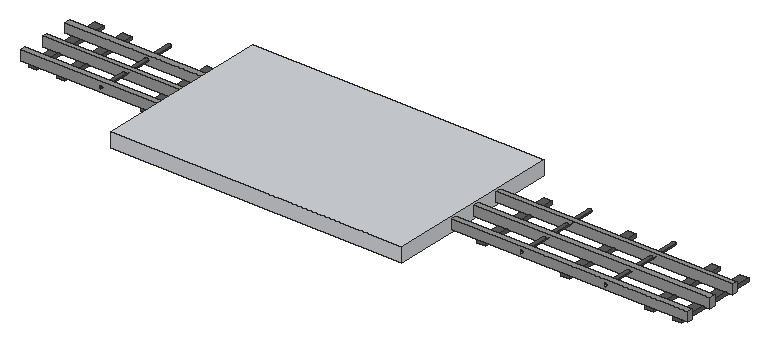
Revit family "1412-3, Solid", category Generic Models, host Face, Revit 2020
Family settings
  Host = Face
  Can host rebar = No
  Round Connector Dimension = Use Diameter
  Part Type = Normal
  Cut with Voids When Loaded = No
  Shared = No
  Room Calculation Point = No
Parameters
  min_value [instance] = 2' - 4"  # constant formula
  max_value [instance] = 11' - 11 1/4"  # constant formula
  actual_value [instance] = if(NET LENGTH < min_value, min_value, if(NET LENGTH > max_value, max_value, NET LENGTH))  # 7' - 11 1/4"
  NET LENGTH [instance] = 7' - 11 1/4"
  IMPORTANT NOTE!!!                                                                             *Backer & dowel layout is for visualization purposes only, final layout to be determined by 9Wood. [instance] = ""
  Default Elevation = 4' - 0"
  DOWEL RADIUS [instance] = 0' - 0 1/4"  # constant formula
  BACKER & DOWEL MATERIAL [instance] = BLACK-BACKERS
  .. MEMBER WIDTH [instance] = 0' - 0 3/4"  # constant formula
  .. MEMBER MATERIAL [instance] = Solid Western Hemlock
  .. MEMBER DEPTH [instance] = 0' - 1 3/8"  # constant formula
  .. MEMBER COUNT [instance] = 3  # constant formula
Reference planes (in)
  plane 1 "Center (Front/Back)": y = 0
  plane 2: z = 0
  plane 3 "Center (Left/Right)": x = 0
Forms (in)
  Extrusion 1, solid
    sketch origin (0, 0, 0) x (1, 0, 0) y (0, 1, 0)
      loop
        line (-24.24823, 14.63962) -> (-24.24823, -10.69266) -> (17.36192, -10.69266) -> (17.36192, 14.63962) -> (-24.24823, 14.63962)
    from 0 to 2.0625
Dimensions and locks (in)
  aligned and locked: plane 2 to Extrusion 1
  aligned and locked: nested 1 to plane 2
Nested families (in)
  nested 1: "1400 series" at (-44.01308, -2.1224, -0.06061), NET LENGTH <- "actual_value", .. MEMBER DEPTH <- ".. MEMBER DEPTH", .. MEMBER WIDTH <- ".. MEMBER WIDTH", DOWEL RADIUS <- "DOWEL RADIUS", BACKER & DOWEL MATERIAL <- "BACKER & DOWEL MATERIAL", .. MEMBER MATERIAL <- ".. MEMBER MATERIAL", MEMBER COUNT <- ".. MEMBER COUNT", type "1400 series"
    with X 7' - 8", SCRIM MATERIAL SCRIM, SCRIM LENGTH 8' - 1", SCRIM APPEARANCE yes, SCRIM 2 0' - 0 7/8", SCRIM 1 0' - 0 3/32", OC TYP 1' - 0", NET LENGTH 7' - 11 1/4", N 8, MEMBER COUNT 3, INSET 2 0' - 0 3/16", INSET 0' - 1", HALF MEMBER WIDTH 0' - 0 3/8", END BACKER yes, DOWEL RADIUS 0' - 0 1/4", DOWEL INDEX 0' - 11 5/8", DOWEL COUNT 7, BACKING M COUNT 8, BACKER WIDTH 0' - 1 1/4", BACKER INDEX 0' - 5 5/8", BACKER DEPTH 0' - 0 1/2", BACKER & DOWEL MATERIAL BLACK-BACKERS, BACKER &  DOWEL LENGTH 0' - 11 7/8", .. MEMBER WIDTH 0' - 0 3/4", .. MEMBER OC TYP 0' - 4", .. MEMBER MATERIAL Solid Western Hemlock, .. MEMBER DEPTH 0' - 1 3/8"
Definition of nested family "1400 series"
  Parameters (values of type "1400 series")
    X [instance] = NET LENGTH - 0' 3 1/4"  # 7' - 2"
    SCRIM MATERIAL [instance] = none
    SCRIM APPEARANCE [instance] = yes
    SCRIM 2 [instance] = 0' - 0 7/8"  # constant formula
    SCRIM 1 [instance] = 0' - 0 3/32"  # constant formula
    OC TYP [instance] = 1' - 0"  # constant formula
    N [instance] = if((X - (rounddown(X / 1' 0") * 1' 0")) > 1' 0", rounddown(X / 1' 0") + 2, rounddown(X / 1' 0") + 1)  # 8
    MEMBER COUNT [instance] = 2
    INSET 5 = 0' - 0 11/16"  # constant formula
    INSET 2 [instance] = 0' - 0 3/16"  # constant formula
    INSET [instance] = 0' - 1"  # constant formula
    END BACKER [instance] = BACKER INDEX > 0' 3 5/8"  # no
    HALF MEMBER WIDTH [instance] = .. MEMBER WIDTH / 2  # 0' - 1 1/8"
    Default Elevation = 0' - 0"
    DOWEL RADIUS [instance] = 0' - 0 1/4"
    DOWEL INDEX [instance] = BACKER INDEX + 0' 6"  # 0' - 8 5/8"
    DOWEL COUNT [instance] = N - 1  # 7
    BACKER WIDTH [instance] = 0' - 1 1/4"  # constant formula
    BACKER INDEX [instance] = (NET LENGTH - ((N - 1) * 1' 0")) / 2  # 0' - 2 5/8"
    BACKER DEPTH [instance] = 0' - 0 1/2"  # constant formula
    BACKING M COUNT [instance] = N  # 8
    BACKER & DOWEL MATERIAL [instance] = none
    BACKER &  DOWEL LENGTH [instance] = 0' - 11 7/8"  # constant formula
    SCRIM LENGTH [instance] = NET LENGTH + (SCRIM 2 * 2)  # 7' - 7"
    .. MEMBER WIDTH [instance] = 0' - 2 1/4"
    .. MEMBER OC TYP [instance] = 1' 0" / MEMBER COUNT  # 0' - 6"
    .. MEMBER MATERIAL [instance] = none
    NET LENGTH [instance] = 7' - 5 1/4"
    .. MEMBER DEPTH [instance] = 0' - 4"
  Reference planes (in)
    plane 1 "Center (Front/Back)": y = 0
    plane 2: z = 0
    plane 3 "Center (Left/Right)": x = 0
    plane 4: x = 89.25
    plane 5: x = 1
    plane 6: x = 88.25
    plane 7: x = 2.625
    plane 8: x = 8.625
    plane 9: x = 14.625
    plane 10: x = 20.625
    plane 11: y = 0.1875
    plane 12: y = 1.125
    plane 13: y = 7.125
    plane 14: y = 12.0625
    plane 15: x = 90.125
    plane 16: x = -0.875
    plane 17: y = 12.15625
    plane 18: y = -0.09375
    plane 19: z = 2.7097
    plane 20: z = 0.56061
    plane 21: z = 1.24811
  Lines and regions (in)
    model lines, not visible
      curve 1: line (8.625, 0, 0.99811) -> (8.625, 0, 1.49811)
      curve 2: line (8.625, 0, 1.49811) -> (8.375, 0, 1.24811)
      curve 3: line (8.375, 0, 1.24811) -> (8.875, 0, 1.24811)
      curve 4: line (20.625, 0, 0.99811) -> (20.625, 0, 1.49811)
      curve 5: line (20.625, 0, 1.49811) -> (20.375, 0, 1.24811)
      curve 6: line (20.375, 0, 1.24811) -> (20.875, 0, 1.24811)
      curve 7: line (32.625, 0, 0.99811) -> (32.625, 0, 1.49811)
      curve 8: line (32.625, 0, 1.49811) -> (32.375, 0, 1.24811)
      curve 9: line (32.375, 0, 1.24811) -> (32.875, 0, 1.24811)
      curve 10: line (44.625, 0, 0.99811) -> (44.625, 0, 1.49811)
      curve 11: line (44.625, 0, 1.49811) -> (44.375, 0, 1.24811)
      curve 12: line (44.375, 0, 1.24811) -> (44.875, 0, 1.24811)
      curve 13: line (56.625, 0, 0.99811) -> (56.625, 0, 1.49811)
      curve 14: line (56.625, 0, 1.49811) -> (56.375, 0, 1.24811)
      curve 15: line (56.375, 0, 1.24811) -> (56.875, 0, 1.24811)
      curve 16: line (68.625, 0, 0.99811) -> (68.625, 0, 1.49811)
      curve 17: line (68.625, 0, 1.49811) -> (68.375, 0, 1.24811)
      curve 18: line (68.375, 0, 1.24811) -> (68.875, 0, 1.24811)
      curve 19: line (80.625, 0, 0.99811) -> (80.625, 0, 1.49811)
      curve 20: line (80.625, 0, 1.49811) -> (80.375, 0, 1.24811)
      curve 21: line (80.375, 0, 1.24811) -> (80.875, 0, 1.24811)
  Dimensions and locks (in)
    "INSET": plane 3 "Center (Left/Right)" to plane 5
    "NET LENGTH": plane 3 "Center (Left/Right)" to plane 4
    "INSET": plane 6 to plane 4
    "BACKER INDEX": plane 3 "Center (Left/Right)" to plane 7
    "DOWEL INDEX": plane 3 "Center (Left/Right)" to plane 8
    "OC TYP": plane 7 to plane 9
    "OC TYP": plane 8 to plane 10
    "INSET 2": plane 1 "Center (Front/Back)" to plane 11
    equal spacing: group 1, group 2, group 5, group 6, group 7, group 13, group 14, group 16  (x3)
    equal spacing: group 3, group 4, group 8, group 9, group 10, group 15, group 17  (x3)
    group 11 to group 12 = 0' - 0"  (x2)
    group 11 to group 12 = 0' - 6"
    ".. MEMBER OC TYP": plane 13 to plane 12
    "HALF MEMBER WIDTH": plane 1 "Center (Front/Back)" to plane 12
    "SCRIM 2": plane 16 to plane 3 "Center (Left/Right)"
    "SCRIM 2": plane 4 to plane 15
    "SCRIM 1": plane 18 to plane 1 "Center (Front/Back)"
    "SCRIM 1": plane 17 to plane 14
    "INSET 5": plane 21 to plane 20
    aligned and locked: level to plane 2
    aligned and locked: plane 7 to nested 2
    aligned and locked: plane 5 to nested 1
    aligned and locked: plane 9 to nested 3
    aligned and locked: nested 1 to plane 5
    aligned and locked: nested 2 to plane 11
    aligned and locked: nested 1 to plane 11
    aligned and locked: nested 3 to plane 11
    aligned and locked: nested 4 to plane 11  (x2)
    aligned and locked: plane 10 to nested 5
    aligned and locked: plane 6 to nested 12
    aligned and locked: nested 5 to plane 11
    aligned and locked: plane 11 to nested 12
    aligned and locked: plane 12 to nested 13
    aligned and locked: nested 14 to plane 13
    aligned and locked: plane 14 to nested 8
    aligned and locked: nested 13 to plane 20
    aligned and locked: plane 21 to nested 4
    aligned and locked: plane 21 to nested 5
    aligned and locked: nested 13 to plane 8
    aligned and locked: plane 10 to nested 13
    aligned and locked: curve 1 to nested 13
    aligned and locked: nested 13 to curve 4
    aligned and locked: plane 20 to nested 1
    aligned and locked: plane 20 to nested 2
    aligned and locked: nested 12 to plane 20
  Automatic sketch dimensions
    curve 3 to curve 1 = 0' - 0 1/4"  (x2)
    curve 1 to curve 3 = 0' - 0 1/4"
    curve 1 to curve 2 = 0' - 0 1/4"
    curve 6 to curve 4 = 0' - 0 1/4"  (x2)
    curve 4 to curve 6 = 0' - 0 1/4"
    curve 4 to curve 5 = 0' - 0 1/4"
    curve 9 to curve 7 = 0' - 0 1/4"  (x2)
    curve 7 to curve 9 = 0' - 0 1/4"
    curve 7 to curve 8 = 0' - 0 1/4"
    curve 12 to curve 10 = 0' - 0 1/4"  (x2)
    curve 10 to curve 12 = 0' - 0 1/4"
    curve 10 to curve 11 = 0' - 0 1/4"
    curve 15 to curve 13 = 0' - 0 1/4"  (x2)
    curve 13 to curve 15 = 0' - 0 1/4"
    curve 13 to curve 14 = 0' - 0 1/4"
    curve 18 to curve 16 = 0' - 0 1/4"  (x2)
    curve 16 to curve 18 = 0' - 0 1/4"
    curve 16 to curve 17 = 0' - 0 1/4"
    curve 21 to curve 19 = 0' - 0 1/4"  (x2)
    curve 19 to curve 21 = 0' - 0 1/4"
    curve 19 to curve 20 = 0' - 0 1/4"
  Nested families (in)
    nested 1: "INSTANCE - 3RD -  EXTEND BOTH SIDES - Parametric Cube.0001" at (1, 0.1875, 0.56061), Length <- "BACKER &  DOWEL LENGTH", Width <- "BACKER WIDTH", Height <- "BACKER DEPTH", Material <- "BACKER & DOWEL MATERIAL", visible <- "END BACKER", type "INSTANCE - 3RD -  EXTEND BOTH SIDES - Parametric Cube.0001"
      with Width 0' - 1 1/4", Material none, Length 0' - 11 7/8", Height 0' - 0 1/2"
    nested 2: "INSTANCE - 2ND -  EXTEND SIDE H CENTER W - Parametric Cube.0001" at (2.625, 0.1875, 0.56061), Width <- "BACKER WIDTH", Length <- "BACKER &  DOWEL LENGTH", Height <- "BACKER DEPTH", Material <- "BACKER & DOWEL MATERIAL", type "INSTANCE - 2ND -  EXTEND SIDE H CENTER W - Parametric Cube.0001"
      with Width 0' - 1 1/4", Material none, Length 0' - 11 7/8", Height 0' - 0 1/2"
    nested 3: "INSTANCE - 2ND -  EXTEND SIDE H CENTER W - Parametric Cube.0001" at (14.625, 0.1875, 0.56061), Width <- "BACKER WIDTH", Length <- "BACKER &  DOWEL LENGTH", Height <- "BACKER DEPTH", Material <- "BACKER & DOWEL MATERIAL", type "INSTANCE - 2ND -  EXTEND SIDE H CENTER W - Parametric Cube.0001"
      with Width 0' - 1 1/4", Material none, Length 0' - 11 7/8", Height 0' - 0 1/2"
    nested 4: "DOWEL" at (-1.375, 0.1875, 1.24811), DOWEL LENGTH <- "BACKER &  DOWEL LENGTH", DOWEL RADII <- "DOWEL RADIUS", BACKING MEM MATERIAL <- "BACKER & DOWEL MATERIAL", type "DOWEL"
      with DOWEL RADII 0' - 0 1/4", DOWEL LENGTH 0' - 11 7/8", BACKING MEM MATERIAL none
    nested 5: "DOWEL" at (10.625, 0.1875, 1.24811), DOWEL LENGTH <- "BACKER &  DOWEL LENGTH", DOWEL RADII <- "DOWEL RADIUS", BACKING MEM MATERIAL <- "BACKER & DOWEL MATERIAL", type "DOWEL"
      with DOWEL RADII 0' - 0 1/4", DOWEL LENGTH 0' - 11 7/8", BACKING MEM MATERIAL none
    nested 6: "INSTANCE - 2ND -  EXTEND SIDE H CENTER W - Parametric Cube.0001" at (26.625, 0.1875, 0.56061), Width <- "BACKER WIDTH", Length <- "BACKER &  DOWEL LENGTH", Height <- "BACKER DEPTH", Material <- "BACKER & DOWEL MATERIAL", type "INSTANCE - 2ND -  EXTEND SIDE H CENTER W - Parametric Cube.0001"
      with Width 0' - 1 1/4", Material none, Length 0' - 11 7/8", Height 0' - 0 1/2"
    nested 7: "INSTANCE - 2ND -  EXTEND SIDE H CENTER W - Parametric Cube.0001" at (38.625, 0.1875, 0.56061), Width <- "BACKER WIDTH", Length <- "BACKER &  DOWEL LENGTH", Height <- "BACKER DEPTH", Material <- "BACKER & DOWEL MATERIAL", type "INSTANCE - 2ND -  EXTEND SIDE H CENTER W - Parametric Cube.0001"
      with Width 0' - 1 1/4", Material none, Length 0' - 11 7/8", Height 0' - 0 1/2"
    nested 8: "INSTANCE - 2ND -  EXTEND SIDE H CENTER W - Parametric Cube.0001" at (50.625, 0.1875, 0.56061), Width <- "BACKER WIDTH", Length <- "BACKER &  DOWEL LENGTH", Height <- "BACKER DEPTH", Material <- "BACKER & DOWEL MATERIAL", type "INSTANCE - 2ND -  EXTEND SIDE H CENTER W - Parametric Cube.0001"
      with Width 0' - 1 1/4", Material none, Length 0' - 11 7/8", Height 0' - 0 1/2"
    nested 9: "DOWEL" at (22.625, 0.1875, 1.24811), DOWEL LENGTH <- "BACKER &  DOWEL LENGTH", DOWEL RADII <- "DOWEL RADIUS", BACKING MEM MATERIAL <- "BACKER & DOWEL MATERIAL", type "DOWEL"
      with DOWEL RADII 0' - 0 1/4", DOWEL LENGTH 0' - 11 7/8", BACKING MEM MATERIAL none
    nested 10: "DOWEL" at (34.625, 0.1875, 1.24811), DOWEL LENGTH <- "BACKER &  DOWEL LENGTH", DOWEL RADII <- "DOWEL RADIUS", BACKING MEM MATERIAL <- "BACKER & DOWEL MATERIAL", type "DOWEL"
      with DOWEL RADII 0' - 0 1/4", DOWEL LENGTH 0' - 11 7/8", BACKING MEM MATERIAL none
    nested 11: "DOWEL" at (46.625, 0.1875, 1.24811), DOWEL LENGTH <- "BACKER &  DOWEL LENGTH", DOWEL RADII <- "DOWEL RADIUS", BACKING MEM MATERIAL <- "BACKER & DOWEL MATERIAL", type "DOWEL"
      with DOWEL RADII 0' - 0 1/4", DOWEL LENGTH 0' - 11 7/8", BACKING MEM MATERIAL none
    nested 12: "INSTANCE - 3RD -  EXTEND BOTH SIDES - Parametric Cube.0001" at (88.25, 0.1875, 0.56061) x (-1, 0, 0) z (0, 0, 1), Width <- "BACKER WIDTH", Length <- "BACKER &  DOWEL LENGTH", Height <- "BACKER DEPTH", Material <- "BACKER & DOWEL MATERIAL", visible <- "END BACKER", type "INSTANCE - 3RD -  EXTEND BOTH SIDES - Parametric Cube.0001"
      with Width 0' - 1 1/4", Material none, Length 0' - 11 7/8", Height 0' - 0 1/2"
    nested 13: "HOLED MEMBER" at (0, -9.75, 8.12965), DOWEL INDEX <- "DOWEL INDEX", .. MEMBER LENGTH <- "NET LENGTH", .. MEMBER WIDTH <- ".. MEMBER WIDTH", DOWEL OC DIST <- "OC TYP", DOWEL RADII <- "DOWEL RADIUS", Material <- ".. MEMBER MATERIAL", DEPTH <- ".. MEMBER DEPTH", DOWEL COUNT <- "DOWEL COUNT", Space <- "INSET 5", type "HOLED MEMBER"
      with Space 0' - 0 11/16", Material none, Height 0' - 10.43096", HALF MEMBER WIDTH 0' - 1 1/8", DOWEL RADII 0' - 0 1/4", DOWEL OC DIST 1' - 0", DOWEL INDEX 0' - 8 5/8", DOWEL COUNT 7, DEPTH 0' - 4", .. MEMBER WIDTH 0' - 2 1/4", .. MEMBER LENGTH 7' - 5 1/4"
    nested 14: "HOLED MEMBER" at (0, -3.75, 8.12965), DOWEL INDEX <- "DOWEL INDEX", .. MEMBER LENGTH <- "NET LENGTH", .. MEMBER WIDTH <- ".. MEMBER WIDTH", DOWEL OC DIST <- "OC TYP", DOWEL RADII <- "DOWEL RADIUS", Material <- ".. MEMBER MATERIAL", DEPTH <- ".. MEMBER DEPTH", DOWEL COUNT <- "DOWEL COUNT", Space <- "INSET 5", type "HOLED MEMBER"
      with Space 0' - 0 11/16", Material none, Height 0' - 10.43096", HALF MEMBER WIDTH 0' - 1 1/8", DOWEL RADII 0' - 0 1/4", DOWEL OC DIST 1' - 0", DOWEL INDEX 0' - 8 5/8", DOWEL COUNT 7, DEPTH 0' - 4", .. MEMBER WIDTH 0' - 2 1/4", .. MEMBER LENGTH 7' - 5 1/4"
    nested 15: "INSTANCE - 2ND -  EXTEND SIDE H CENTER W - Parametric Cube.0001" at (62.625, 0.1875, 0.56061), Width <- "BACKER WIDTH", Length <- "BACKER &  DOWEL LENGTH", Height <- "BACKER DEPTH", Material <- "BACKER & DOWEL MATERIAL", type "INSTANCE - 2ND -  EXTEND SIDE H CENTER W - Parametric Cube.0001"
      with Width 0' - 1 1/4", Material none, Length 0' - 11 7/8", Height 0' - 0 1/2"
    nested 16: "INSTANCE - 2ND -  EXTEND SIDE H CENTER W - Parametric Cube.0001" at (74.625, 0.1875, 0.56061), Width <- "BACKER WIDTH", Length <- "BACKER &  DOWEL LENGTH", Height <- "BACKER DEPTH", Material <- "BACKER & DOWEL MATERIAL", type "INSTANCE - 2ND -  EXTEND SIDE H CENTER W - Parametric Cube.0001"
      with Width 0' - 1 1/4", Material none, Length 0' - 11 7/8", Height 0' - 0 1/2"
    nested 17: "DOWEL" at (58.625, 0.1875, 1.24811), DOWEL LENGTH <- "BACKER &  DOWEL LENGTH", DOWEL RADII <- "DOWEL RADIUS", BACKING MEM MATERIAL <- "BACKER & DOWEL MATERIAL", type "DOWEL"
      with DOWEL RADII 0' - 0 1/4", DOWEL LENGTH 0' - 11 7/8", BACKING MEM MATERIAL none
    nested 18: "INSTANCE - 2ND -  EXTEND SIDE H CENTER W - Parametric Cube.0001" at (86.625, 0.1875, 0.56061), Width <- "BACKER WIDTH", Length <- "BACKER &  DOWEL LENGTH", Height <- "BACKER DEPTH", Material <- "BACKER & DOWEL MATERIAL", type "INSTANCE - 2ND -  EXTEND SIDE H CENTER W - Parametric Cube.0001"
      with Width 0' - 1 1/4", Material none, Length 0' - 11 7/8", Height 0' - 0 1/2"
    nested 19: "DOWEL" at (70.625, 0.1875, 1.24811), DOWEL LENGTH <- "BACKER &  DOWEL LENGTH", DOWEL RADII <- "DOWEL RADIUS", BACKING MEM MATERIAL <- "BACKER & DOWEL MATERIAL", type "DOWEL"
      with DOWEL RADII 0' - 0 1/4", DOWEL LENGTH 0' - 11 7/8", BACKING MEM MATERIAL none
  Definition of nested family "INSTANCE - 3RD -  EXTEND BOTH SIDES - Parametric Cube.0001"
    Parameters (values of type "INSTANCE - 3RD -  EXTEND BOTH SIDES - Parametric Cube.0001")
      Width [instance] = 0' - 6"
      Material [instance] = none
      Length [instance] = 1' - 0"
      Height [instance] = 1' - 6"
      Default Elevation = 0' - 0"
    Reference planes (in)
      plane 1 "Center (Front/Back)": y = 0
      plane 2: z = 0
      plane 3 "Center (Left/Right)": x = 0
      plane 4: x = 6
      plane 5: y = 12
      plane 6: z = -18
    Forms (in)
      Extrusion 1, solid, material <- "Material"
        sketch origin (0, 6, 0) x (1, 0, 0) y (0, 1, 0)
          loop
            line (0, 6) -> (0, -6) -> (6, -6) -> (6, 6) -> (0, 6)
        from -18 to 0
    Dimensions and locks (in)
      "Height": plane 6 to level
      "Length": plane 1 "Center (Front/Back)" to plane 5
      "Width": plane 3 "Center (Left/Right)" to plane 4
      aligned and locked: plane 2 to level
      aligned and locked: Extrusion 1 sketch curve to plane 4
      aligned and locked: Extrusion 1 to plane 6
      aligned and locked: plane 5 to Extrusion 1
      aligned and locked: Extrusion 1 to plane 3 "Center (Left/Right)"
    Automatic sketch dimensions
      plane 1 "Center (Front/Back)" to Extrusion 1 sketch curve = 0' - 0"
      plane 5 to Extrusion 1 sketch curve = 0' - 0"
      Extrusion 1 sketch curve to plane 3 "Center (Left/Right)" = 0' - 0"
  Definition of nested family "INSTANCE - 2ND -  EXTEND SIDE H CENTER W - Parametric Cube.0001"
    Parameters (values of type "INSTANCE - 2ND -  EXTEND SIDE H CENTER W - Parametric Cube.0001")
      Width [instance] = 0' - 6"
      Material [instance] = none
      Length [instance] = 1' - 0"
      Height [instance] = 1' - 6"
      Default Elevation = 0' - 0"
    Reference planes (in)
      plane 1 "Center (Front/Back)": y = 0
      plane 2: z = 0
      plane 3 "Center (Left/Right)": x = 0
      plane 4: x = -3
      plane 5: x = 3
      plane 6: y = 12
      plane 7: z = -18
    Forms (in)
      Extrusion 1, solid, material <- "Material"
        sketch origin (0, 6, 0) x (1, 0, 0) y (0, 1, 0)
          loop
            line (-3, 6) -> (-3, -6) -> (3, -6) -> (3, 6) -> (-3, 6)
        from -18 to 0
    Dimensions and locks (in)
      equal spacing: plane 4, plane 3 "Center (Left/Right)", plane 5
      "Width": plane 4 to plane 5
      "Height": plane 7 to level
      "Length": plane 1 "Center (Front/Back)" to plane 6
      aligned and locked: plane 2 to level
      aligned and locked: plane 4 to Extrusion 1 sketch curve
      aligned and locked: Extrusion 1 sketch curve to plane 5
      aligned and locked: Extrusion 1 to plane 7
      aligned and locked: plane 6 to Extrusion 1
    Automatic sketch dimensions
      plane 1 "Center (Front/Back)" to Extrusion 1 sketch curve = 0' - 0"
      plane 6 to Extrusion 1 sketch curve = 0' - 0"
  Definition of nested family "DOWEL"
    Parameters (values of type "DOWEL")
      Default Elevation = 0' - 0"
      DOWEL RADII [instance] = 0' - 0 5/8"
      DOWEL LENGTH [instance] = 1' - 0"
      BACKING MEM MATERIAL [instance] = none
    Reference planes (in)
      plane 1 "Center (Front/Back)": y = 0
      plane 2: z = 0
      plane 3 "Center (Left/Right)": x = 0
      plane 4: y = 12
    Forms (in)
      Extrusion 1, solid, material <- "BACKING MEM MATERIAL"
        sketch origin (10, 0, 0) x (1, 0, 0) y (0, 0, 1)
          loop
            circle (0, 0) r 0.625
        from 0 to -12
      Extrusion 2, solid, not visible
        sketch origin (0, 0, 0) x (1, 0, 0) y (0, 0, 1)
          loop
            circle (0, 0) r 0.625
        from 0 to 12
      Extrusion 3, solid, not visible
        sketch origin (10, 0, 0) x (1, 0, 0) y (0, 0, 1)
          loop
            circle (0, 0) r 0.625
        from 0 to 2.5
      Extrusion 4, solid, not visible
        sketch origin (10, 0, 0) x (1, 0, 0) y (0, 0, 1)
          loop
            circle (0, 0) r 0.625
        from 0 to -12
    Lines and regions (in)
      model lines, not visible
        curve 1: line (-13, 0, 0) -> (-13, -12, 0)
        curve 2: line (13, 0, 0) -> (13, -12, 0)
        curve 3: line (9.89453, 0, 0) -> (10.08794, 0, 0)
        curve 4: line (9.89453, -2.5, 0) -> (10.08794, -2.5, 0)
        curve 6: line (10, 0, 0) -> (10, 2, 0)
      model lines
        curve 5: line (10, 0, 0) -> (10, 2, 0)
    Dimensions and locks (in)
      "DOWEL LENGTH": plane 1 "Center (Front/Back)" to plane 4
      "DOWEL RADII": radius of Extrusion 1 sketch curve
      "DOWEL RADII": radius of Extrusion 2 sketch curve
      "DOWEL RADII": radius of Extrusion 3 sketch curve
      "DOWEL RADII": radius of Extrusion 4 sketch curve
      "DOWEL RADII": radius of Extrusion 1
      aligned and locked: plane 2 to level
      aligned and locked: Extrusion 1 to plane 1 "Center (Front/Back)"  (x3)
      aligned and locked: plane 1 "Center (Front/Back)" to Extrusion 1
      aligned and locked: plane 4 to Extrusion 1
    Automatic sketch dimensions
      plane 1 "Center (Front/Back)" to curve 5 = 0' - 0"
      curve 5 to plane 1 "Center (Front/Back)" = 0' - 2"
      plane 3 "Center (Left/Right)" to curve 5 = 0' - 10"
      Extrusion 1 sketch curve to level = 0' - 0"
      plane 3 "Center (Left/Right)" to Extrusion 1 sketch curve = 0' - 10"
  Definition of nested family "HOLED MEMBER"
    Parameters (values of type "HOLED MEMBER")
      Space [instance] = 0' - 0 5/8"
      Material [instance] = none
      Height [instance] = 0' - 10.43096"
      HALF MEMBER WIDTH [instance] = .. MEMBER WIDTH / 2  # 0' - 0 5/16"
      Default Elevation = 0' - 0"
      DOWEL RADII [instance] = 0' - 0.34537"
      DOWEL OC DIST [instance] = 1' - 0"
      DOWEL INSET = 0' - 0 5/8"
      DOWEL INDEX [instance] = 0' - 5 5/8"
      DOWEL COUNT [instance] = 6
      DEPTH [instance] = 0' - 2"
      .. MEMBER WIDTH [instance] = 0' - 0 5/8"
      .. MEMBER LENGTH [instance] = 5' - 11 3/4"
    Reference planes (in)
      plane 1 "Center (Front/Back)": y = 12
      plane 2: z = -7.56904
      plane 3 "Center (Left/Right)": x = 0
      plane 4: x = 5.625
      plane 5: x = 17.625
      plane 6: y = 11.375
      plane 7: x = 71.75
      plane 8: y = 11.6875
      plane 9: z = -6.94404
      plane 10: z = -5.56904
    Forms (in)
      Extrusion 1, solid, material <- "Material"
        sketch origin (0, 12, -13.56904) x (1, 0, 0) y (0, 0, 1)
          loop
            line (0, 6) -> (71.75, 6) -> (71.75, 8) -> (0, 8) -> (0, 6)
        from 0.625 to 0
      Extrusion 2, void
        sketch origin (0, 12, -18.31904) x (1, 0, 0) y (0, 0, 1)
          loop
            circle (5.625, 11.375) r 0.34537
        from 0 to 12
      Extrusion 3, void, not visible
        sketch origin (0, 0, 0) x (1, 0, 0) y (0, 1, 0)
          loop
            circle (5.625, 11.375) r 0.34537
        from 0 to 12
      Extrusion 4, void, not visible
        sketch origin (0, 0, 0) x (1, 0, 0) y (0, 1, 0)
          loop
            circle (5.625, 11.375) r 0.34537
        from 0 to 12
      Extrusion 5, void, not visible
        sketch origin (12, 0, 0) x (1, 0, 0) y (0, 1, 0)
          loop
            circle (5.625, 11.375) r 0.34537
        from 0 to 12
      Extrusion 6, void, not visible
        sketch origin (0, 12, -17.56904) x (1, 0, 0) y (0, 0, 1)
          loop
            circle (5.625, 11.375) r 0.34537
        from 0 to 12
      Extrusion 7, void, not visible
        sketch origin (12, 12, -17.56904) x (1, 0, 0) y (0, 0, 1)
          loop
            circle (5.625, 11.375) r 0.34537
        from 0 to 12
      Extrusion 8, void, not visible
        sketch origin (0, 12, -19.56904) x (1, 0, 0) y (0, 0, 1)
          loop
            circle (5.625, 11.375) r 0.34537
        from 0 to 12
      Extrusion 9, void
        sketch origin (12, 12, -18.31904) x (1, 0, 0) y (0, 0, 1)
          loop
            circle (5.625, 11.375) r 0.34537
        from 0 to 12
      Extrusion 10, void
        sketch origin (24, 12, -18.31904) x (1, 0, 0) y (0, 0, 1)
          loop
            circle (5.625, 11.375) r 0.34537
        from 0 to 12
      Extrusion 11, void
        sketch origin (36, 12, -18.31904) x (1, 0, 0) y (0, 0, 1)
          loop
            circle (5.625, 11.375) r 0.34537
        from 0 to 12
      Extrusion 12, void
        sketch origin (48, 12, -18.31904) x (1, 0, 0) y (0, 0, 1)
          loop
            circle (5.625, 11.375) r 0.34537
        from 0 to 12
      Extrusion 13, void
        sketch origin (60, 12, -18.31904) x (1, 0, 0) y (0, 0, 1)
          loop
            circle (5.625, 11.375) r 0.34537
        from 0 to 12
      Extrusion 14, void, not visible
        sketch origin (24, 12, -17.56904) x (1, 0, 0) y (0, 0, 1)
          loop
            circle (5.625, 11.375) r 0.34537
        from 0 to 12
      Extrusion 15, void, not visible
        sketch origin (36, 12, -17.56904) x (1, 0, 0) y (0, 0, 1)
          loop
            circle (5.625, 11.375) r 0.34537
        from 0 to 12
      Extrusion 16, void, not visible
        sketch origin (48, 12, -17.56904) x (1, 0, 0) y (0, 0, 1)
          loop
            circle (5.625, 11.375) r 0.34537
        from 0 to 12
      Extrusion 17, void, not visible
        sketch origin (60, 12, -17.56904) x (1, 0, 0) y (0, 0, 1)
          loop
            circle (5.625, 11.375) r 0.34537
        from 0 to 12
      Extrusion 18, void, not visible
        sketch origin (24, 0, 0) x (1, 0, 0) y (0, 1, 0)
          loop
            circle (5.625, 11.375) r 0.34537
        from 0 to 12
      Extrusion 19, void, not visible
        sketch origin (36, 0, 0) x (1, 0, 0) y (0, 1, 0)
          loop
            circle (5.625, 11.375) r 0.34537
        from 0 to 12
      Extrusion 20, void, not visible
        sketch origin (48, 0, 0) x (1, 0, 0) y (0, 1, 0)
          loop
            circle (5.625, 11.375) r 0.34537
        from 0 to 12
      Extrusion 21, void, not visible
        sketch origin (60, 0, 0) x (1, 0, 0) y (0, 1, 0)
          loop
            circle (5.625, 11.375) r 0.34537
        from 0 to 12
    Cuts and joins
      Extrusion 2, Extrusion 9, Extrusion 10, Extrusion 11, Extrusion 12, Extrusion 13 cuts Extrusion 1
    Lines and regions (in)
      model lines, not visible
        curve 1: line (5.625, 11.72037, 0) -> (5.625, 11.02963, 0)
        curve 2: line (5.625, 11.72037, 0) -> (5.625, 11.02963, 0)
        curve 3: line (17.625, 11.72037, 0) -> (17.625, 11.02963, 0)
        curve 4: line (5.625, 12, -7.56904) -> (5.625, 11.87317, -7.56904)
        curve 5: line (5.625, 11.87317, -7.56904) -> (5.06195, 11.87317, -7.56904)
        curve 6: line (5.06195, 11.87317, -7.56904) -> (5.27963, 11.375, -7.56904)
        curve 7: line (0, 12, -6.19404) -> (0, 11.61951, -6.19404)
        curve 9: line (0, 11.375, -8.19404) -> (0, 11.6747, -8.19404)
        curve 10: line (5.625, 12, -7.56904) -> (5.625, 11.69863, -7.56904)
        curve 11: line (5.625, 12, -7.56904) -> (5.625, 11.69863, -7.56904)
        curve 12: line (5.625, 10.75, 0) -> (5.625, 10.75, 0.30137)
        curve 13: line (5.625, 10.75, 0) -> (5.625, 10.75, 0.30137)
        curve 14: line (17.625, 10.75, 0) -> (17.625, 10.75, 0.30137)
        curve 15: line (5.625, 12, -6.81904) -> (5.625, 11.69863, -6.81904)
        curve 16: line (17.625, 12, -6.81904) -> (17.625, 11.69863, -6.81904)
        curve 17: line (5.625, 12, -8.81904) -> (5.625, 11.69863, -8.81904)
        curve 18: line (17.625, 12, -7.56904) -> (17.625, 11.69863, -7.56904)
        curve 19: line (29.625, 12, -7.56904) -> (29.625, 11.69863, -7.56904)
        curve 20: line (41.625, 12, -7.56904) -> (41.625, 11.69863, -7.56904)
        curve 21: line (53.625, 12, -7.56904) -> (53.625, 11.69863, -7.56904)
        curve 22: line (65.625, 12, -7.56904) -> (65.625, 11.69863, -7.56904)
        curve 23: line (29.625, 12, -6.81904) -> (29.625, 11.69863, -6.81904)
        curve 24: line (41.625, 12, -6.81904) -> (41.625, 11.69863, -6.81904)
        curve 25: line (53.625, 12, -6.81904) -> (53.625, 11.69863, -6.81904)
        curve 26: line (65.625, 12, -6.81904) -> (65.625, 11.69863, -6.81904)
        curve 27: line (29.625, 11.72037, 0) -> (29.625, 11.02963, 0)
        curve 28: line (29.625, 10.75, 0) -> (29.625, 10.75, 0.30137)
        curve 29: line (41.625, 11.72037, 0) -> (41.625, 11.02963, 0)
        curve 30: line (41.625, 10.75, 0) -> (41.625, 10.75, 0.30137)
        curve 31: line (53.625, 11.72037, 0) -> (53.625, 11.02963, 0)
        curve 32: line (53.625, 10.75, 0) -> (53.625, 10.75, 0.30137)
        curve 33: line (65.625, 11.72037, 0) -> (65.625, 11.02963, 0)
        curve 34: line (65.625, 10.75, 0) -> (65.625, 10.75, 0.30137)
        curve 35: line (5.27963, 12, -6.94404) -> (5.97037, 12, -6.94404)
        curve 36: line (5.97037, 12, -6.94404) -> (5.625, 12, -6.59867)
        curve 37: line (5.625, 12, -6.59867) -> (5.625, 12, -7.28941)
        curve 38: line (5.27963, 11.375, 0) -> (5.97037, 11.375, 0)
        curve 39: line (5.97037, 11.375, 0) -> (5.625, 11.72037, 0)
        curve 40: line (5.625, 11.72037, 0) -> (5.625, 11.02963, 0)
        curve 41: line (5.27963, 11.375, 0) -> (5.97037, 11.375, 0)
        curve 42: line (5.97037, 11.375, 0) -> (5.625, 11.72037, 0)
        curve 43: line (5.625, 11.72037, 0) -> (5.625, 11.02963, 0)
        curve 44: line (17.27963, 11.375, 0) -> (17.97037, 11.375, 0)
        curve 45: line (17.97037, 11.375, 0) -> (17.625, 11.72037, 0)
        curve 46: line (17.625, 11.72037, 0) -> (17.625, 11.02963, 0)
        curve 47: line (5.27963, 12, -6.19404) -> (5.97037, 12, -6.19404)
        curve 48: line (5.97037, 12, -6.19404) -> (5.625, 12, -5.84867)
        curve 49: line (5.625, 12, -5.84867) -> (5.625, 12, -6.53941)
        curve 50: line (17.27963, 12, -6.19404) -> (17.97037, 12, -6.19404)
        curve 51: line (17.97037, 12, -6.19404) -> (17.625, 12, -5.84867)
        curve 52: line (17.625, 12, -5.84867) -> (17.625, 12, -6.53941)
        curve 53: line (5.27963, 12, -8.19404) -> (5.97037, 12, -8.19404)
        curve 54: line (5.97037, 12, -8.19404) -> (5.625, 12, -7.84867)
        curve 55: line (5.625, 12, -7.84867) -> (5.625, 12, -8.53941)
        curve 56: line (17.27963, 12, -6.94404) -> (17.97037, 12, -6.94404)
        curve 57: line (17.97037, 12, -6.94404) -> (17.625, 12, -6.59867)
        curve 58: line (17.625, 12, -6.59867) -> (17.625, 12, -7.28941)
        curve 59: line (29.27963, 12, -6.94404) -> (29.97037, 12, -6.94404)
        curve 60: line (29.97037, 12, -6.94404) -> (29.625, 12, -6.59867)
        curve 61: line (29.625, 12, -6.59867) -> (29.625, 12, -7.28941)
        curve 62: line (41.27963, 12, -6.94404) -> (41.97037, 12, -6.94404)
        curve 63: line (41.97037, 12, -6.94404) -> (41.625, 12, -6.59867)
        curve 64: line (41.625, 12, -6.59867) -> (41.625, 12, -7.28941)
        curve 65: line (53.27963, 12, -6.94404) -> (53.97037, 12, -6.94404)
        curve 66: line (53.97037, 12, -6.94404) -> (53.625, 12, -6.59867)
        curve 67: line (53.625, 12, -6.59867) -> (53.625, 12, -7.28941)
        curve 68: line (65.27963, 12, -6.94404) -> (65.97037, 12, -6.94404)
        curve 69: line (65.97037, 12, -6.94404) -> (65.625, 12, -6.59867)
        curve 70: line (65.625, 12, -6.59867) -> (65.625, 12, -7.28941)
        curve 71: line (29.27963, 12, -6.19404) -> (29.97037, 12, -6.19404)
        curve 72: line (29.97037, 12, -6.19404) -> (29.625, 12, -5.84867)
        curve 73: line (29.625, 12, -5.84867) -> (29.625, 12, -6.53941)
        curve 74: line (41.27963, 12, -6.19404) -> (41.97037, 12, -6.19404)
        curve 75: line (41.97037, 12, -6.19404) -> (41.625, 12, -5.84867)
        curve 76: line (41.625, 12, -5.84867) -> (41.625, 12, -6.53941)
        curve 77: line (53.27963, 12, -6.19404) -> (53.97037, 12, -6.19404)
        curve 78: line (53.97037, 12, -6.19404) -> (53.625, 12, -5.84867)
        curve 79: line (53.625, 12, -5.84867) -> (53.625, 12, -6.53941)
        curve 80: line (65.27963, 12, -6.19404) -> (65.97037, 12, -6.19404)
        curve 81: line (65.97037, 12, -6.19404) -> (65.625, 12, -5.84867)
        curve 82: line (65.625, 12, -5.84867) -> (65.625, 12, -6.53941)
        curve 83: line (29.27963, 11.375, 0) -> (29.97037, 11.375, 0)
        curve 84: line (29.97037, 11.375, 0) -> (29.625, 11.72037, 0)
        curve 85: line (29.625, 11.72037, 0) -> (29.625, 11.02963, 0)
        curve 86: line (41.27963, 11.375, 0) -> (41.97037, 11.375, 0)
        curve 87: line (41.97037, 11.375, 0) -> (41.625, 11.72037, 0)
        curve 88: line (41.625, 11.72037, 0) -> (41.625, 11.02963, 0)
        curve 89: line (53.27963, 11.375, 0) -> (53.97037, 11.375, 0)
        curve 90: line (53.97037, 11.375, 0) -> (53.625, 11.72037, 0)
        curve 91: line (53.625, 11.72037, 0) -> (53.625, 11.02963, 0)
        curve 92: line (65.27963, 11.375, 0) -> (65.97037, 11.375, 0)
        curve 93: line (65.97037, 11.375, 0) -> (65.625, 11.72037, 0)
        curve 94: line (65.625, 11.72037, 0) -> (65.625, 11.02963, 0)
      model lines
        curve 8: line (5.625, 12, -7.56904) -> (5.625, 11.69863, -7.56904)
    Dimensions and locks (in)
      "DOWEL INDEX": plane 3 "Center (Left/Right)" to plane 4
      "DOWEL OC DIST": plane 4 to plane 5
      ".. MEMBER LENGTH": plane 3 "Center (Left/Right)" to plane 7
      equal spacing: group 3, group 4, group 21, group 22, group 23, group 24  (x3)
      equal spacing: group 7, group 8, group 17, group 18, group 19, group 20  (x3)
      ".. MEMBER WIDTH": plane 6 to plane 1 "Center (Front/Back)"
      "HALF MEMBER WIDTH": plane 8 to plane 1 "Center (Front/Back)"
      equal spacing: group 1, group 12, group 13, group 14, group 15, group 16  (x2)
      equal spacing: group 16, group 15, group 14, group 13, group 12, group 1
      "DEPTH": plane 10 to level
      "Space": plane 9 to level
      "DOWEL RADII": radius of Extrusion 2 sketch curve
      "DOWEL RADII": radius of Extrusion 3 sketch curve
      "DOWEL RADII": radius of Extrusion 4 sketch curve
      "DOWEL RADII": radius of Extrusion 5 sketch curve
      "DOWEL RADII": radius of Extrusion 6 sketch curve
      "DOWEL RADII": radius of Extrusion 7 sketch curve
      "DOWEL RADII": radius of Extrusion 8 sketch curve
      "DOWEL RADII": radius of Extrusion 9 sketch curve
      "DOWEL RADII": radius of Extrusion 10 sketch curve
      "DOWEL RADII": radius of Extrusion 11 sketch curve
      "DOWEL RADII": radius of Extrusion 12 sketch curve
      "DOWEL RADII": radius of Extrusion 13 sketch curve
      "DOWEL RADII": radius of Extrusion 14 sketch curve
      "DOWEL RADII": radius of Extrusion 15 sketch curve
      "DOWEL RADII": radius of Extrusion 16 sketch curve
      "DOWEL RADII": radius of Extrusion 17 sketch curve
      "DOWEL RADII": radius of Extrusion 18 sketch curve
      "DOWEL RADII": radius of Extrusion 19 sketch curve
      "DOWEL RADII": radius of Extrusion 20 sketch curve
      "DOWEL RADII": radius of Extrusion 21 sketch curve
      aligned and locked: level to plane 2
      aligned and locked: Extrusion 1 to plane 3 "Center (Left/Right)"  (x2)
      aligned and locked: plane 7 to cut or joined group of Extrusion 1, Extrusion 2, Extrusion 9, Extrusion 10, Extrusion 11, Extrusion 12, Extrusion 13  (x2)
      aligned and locked: cut or joined group of Extrusion 1, Extrusion 2, Extrusion 9, Extrusion 10, Extrusion 11, Extrusion 12, Extrusion 13 to plane 1 "Center (Front/Back)"  (x2)
      aligned and locked: cut or joined group of Extrusion 1, Extrusion 2, Extrusion 9, Extrusion 10, Extrusion 11, Extrusion 12, Extrusion 13 to plane 6  (x2)
      aligned and locked: plane 4 to curve 11
      aligned and locked: curve 18 to plane 5
      aligned and locked: plane 4 to group 1
      aligned and locked: group 12 to plane 5
      aligned and locked: curve 35 to plane 9
      aligned and locked: plane 4 to curve 37
      aligned and locked: curve 56 to plane 9
      aligned and locked: curve 58 to plane 5
      aligned and locked: plane 10 to cut or joined group of Extrusion 1, Extrusion 2, Extrusion 9, Extrusion 10, Extrusion 11, Extrusion 12, Extrusion 13  (x2)
      aligned and locked: cut or joined group of Extrusion 1, Extrusion 2, Extrusion 9, Extrusion 10, Extrusion 11, Extrusion 12, Extrusion 13 to level
      aligned and locked: level to cut or joined group of Extrusion 1, Extrusion 2, Extrusion 9, Extrusion 10, Extrusion 11, Extrusion 12, Extrusion 13
    Automatic sketch dimensions
      curve 1 to curve 1 = 0' - 0.69074"
      curve 2 to curve 2 = 0' - 0.69074"
      curve 3 to curve 3 = 0' - 0.69074"
      Extrusion 1 sketch curve to plane 3 "Center (Left/Right)" = 0' - 0"
      Extrusion 1 sketch curve to plane 7 = 0' - 0"
      Extrusion 1 sketch curve to Extrusion 1 sketch curve = 0' - 2"
      Extrusion 1 sketch curve to level = 0' - 0"
      curve 8 to curve 8 = 0' - 0.30137"
      curve 10 to curve 10 = 0' - 0.30137"
      curve 8 to plane 4 = 0' - 0"
      plane 1 "Center (Front/Back)" to curve 8 = 0' - 0"
      plane 1 "Center (Front/Back)" to curve 8 = 0' - 0.30137"
      curve 11 to curve 11 = 0' - 0.30137"
      curve 12 to curve 12 = 0' - 0.30137"
      curve 13 to curve 13 = 0' - 0.30137"
      curve 14 to curve 14 = 0' - 0.30137"
      curve 15 to curve 15 = 0' - 0.30137"
      curve 16 to curve 16 = 0' - 0.30137"
      curve 17 to curve 17 = 0' - 0.30137"
      curve 18 to curve 18 = 0' - 0.30137"
      curve 19 to curve 19 = 0' - 0.30137"
      curve 20 to curve 20 = 0' - 0.30137"
      curve 21 to curve 21 = 0' - 0.30137"
      curve 22 to curve 22 = 0' - 0.30137"
      curve 23 to curve 23 = 0' - 0.30137"
      curve 24 to curve 24 = 0' - 0.30137"
      curve 25 to curve 25 = 0' - 0.30137"
      curve 26 to curve 26 = 0' - 0.30137"
      curve 27 to curve 27 = 0' - 0.69074"
      curve 28 to curve 28 = 0' - 0.30137"
      curve 29 to curve 29 = 0' - 0.69074"
      curve 30 to curve 30 = 0' - 0.30137"
      curve 31 to curve 31 = 0' - 0.69074"
      curve 32 to curve 32 = 0' - 0.30137"
      curve 33 to curve 33 = 0' - 0.69074"
      curve 34 to curve 34 = 0' - 0.30137"
      curve 37 to curve 35 = 0' - 0.34537"  (x2)
      curve 35 to curve 36 = 0' - 0.34537"
      curve 35 to curve 37 = 0' - 0.34537"
      curve 40 to curve 38 = 0' - 0.34537"  (x2)
      curve 38 to curve 39 = 0' - 0.34537"
      curve 38 to curve 40 = 0' - 0.34537"
      curve 43 to curve 41 = 0' - 0.34537"  (x2)
      curve 41 to curve 42 = 0' - 0.34537"
      curve 41 to curve 43 = 0' - 0.34537"
      curve 46 to curve 44 = 0' - 0.34537"  (x2)
      curve 44 to curve 45 = 0' - 0.34537"
      curve 44 to curve 46 = 0' - 0.34537"
      curve 49 to curve 47 = 0' - 0.34537"  (x2)
      curve 47 to curve 48 = 0' - 0.34537"
      curve 47 to curve 49 = 0' - 0.34537"
      curve 52 to curve 50 = 0' - 0.34537"  (x2)
      curve 50 to curve 51 = 0' - 0.34537"
      curve 50 to curve 52 = 0' - 0.34537"
      curve 55 to curve 53 = 0' - 0.34537"  (x2)
      curve 53 to curve 54 = 0' - 0.34537"
      curve 53 to curve 55 = 0' - 0.34537"
      curve 58 to curve 56 = 0' - 0.34537"  (x2)
      curve 56 to curve 57 = 0' - 0.34537"
      curve 56 to curve 58 = 0' - 0.34537"
      curve 61 to curve 59 = 0' - 0.34537"  (x2)
      curve 59 to curve 60 = 0' - 0.34537"
      curve 59 to curve 61 = 0' - 0.34537"
      curve 64 to curve 62 = 0' - 0.34537"  (x2)
      curve 62 to curve 63 = 0' - 0.34537"
      curve 62 to curve 64 = 0' - 0.34537"
      curve 67 to curve 65 = 0' - 0.34537"  (x2)
      curve 65 to curve 66 = 0' - 0.34537"
      curve 65 to curve 67 = 0' - 0.34537"
      curve 70 to curve 68 = 0' - 0.34537"  (x2)
      curve 68 to curve 69 = 0' - 0.34537"
      curve 68 to curve 70 = 0' - 0.34537"
      curve 73 to curve 71 = 0' - 0.34537"  (x2)
      curve 71 to curve 72 = 0' - 0.34537"
      curve 71 to curve 73 = 0' - 0.34537"
      curve 76 to curve 74 = 0' - 0.34537"  (x2)
      curve 74 to curve 75 = 0' - 0.34537"
      curve 74 to curve 76 = 0' - 0.34537"
      curve 79 to curve 77 = 0' - 0.34537"  (x2)
      curve 77 to curve 78 = 0' - 0.34537"
      curve 77 to curve 79 = 0' - 0.34537"
      curve 82 to curve 80 = 0' - 0.34537"  (x2)
      curve 80 to curve 81 = 0' - 0.34537"
      curve 80 to curve 82 = 0' - 0.34537"
      curve 85 to curve 83 = 0' - 0.34537"  (x2)
      curve 83 to curve 84 = 0' - 0.34537"
      curve 83 to curve 85 = 0' - 0.34537"
      curve 88 to curve 86 = 0' - 0.34537"  (x2)
      curve 86 to curve 87 = 0' - 0.34537"
      curve 86 to curve 88 = 0' - 0.34537"
      curve 91 to curve 89 = 0' - 0.34537"  (x2)
      curve 89 to curve 90 = 0' - 0.34537"
      curve 89 to curve 91 = 0' - 0.34537"
      curve 94 to curve 92 = 0' - 0.34537"  (x2)
      curve 92 to curve 93 = 0' - 0.34537"
      curve 92 to curve 94 = 0' - 0.34537"
